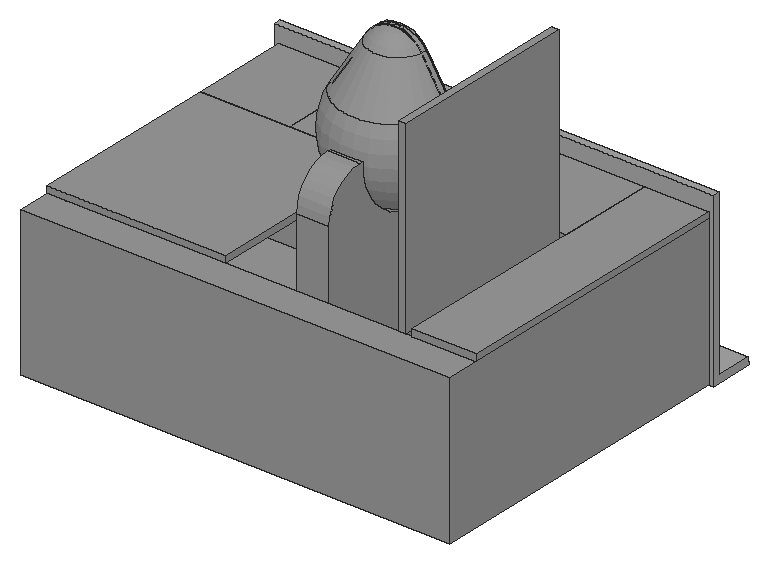
Revit family "Modular_Patient_Care_Unit-Willoughby-Patient_Care_Unit-WH-1700-R-SWO", category Plumbing Fixtures, Revit 2015
Parameters (values of type "Standard")
  Waste RAD [instance] = Waste DIA / 2  # 1 1/4"
  Waste DIA [instance] = 2 1/2"
  Waste Connection = yes
  Vent Connection = no
  URL = "https://www.willoughby-ind.com/wp-content/uploads/2018/01/WH-1700.pdf"
  Type Comments = ""
  Stainless Steel = Stainless Steel AISI 304-Willoughby
  Solid Polymer Finish = Polyethylene, High Density
  Revision = "A"
  Model = "WH-1700-R-SWO"
  Manufacturer = "Willoughby Industries"
  Lav Inlets RAD [instance] = Lav Inlets DIA / 2  # 1/4"
  Lav Inlets DIA [instance] = 1/2"
  Lav Drain DIA [instance] = 1"
  Lav DR-RAD [instance] = Lav Drain DIA / 2  # 1/2"
  HW Connection = yes
  Flush inlet RAD [instance] = Flush inlet DIA / 2  # 1/2"
  Flush inlet DIA [instance] = 1"
  Dialysis Drain DIA [instance] = 1 1/2"
  Dialysis Box Inlets DIA [instance] = 1/2"
  Description = "Right Hand Wall Outlet Patient Care Unit"
  Default Elevation = 0' - 0"
  DB-RAD [instance] = Dialysis Box Inlets DIA / 2  # 1/4"
  D-Drain RAD [instance] = Dialysis Drain DIA / 2  # 3/4"
  Contact Number = "(800) 428-4065"
  CW Connection = yes
  Bed Pan Inlet RAD [instance] = Bed Pan Inlet DIA / 2  # 1/4"
  Bed Pan Inlet DIA [instance] = 1/2"
  Aquasurf Solid Surface = Solid Surface Acrylic Resin-Willoughby
Reference planes (in)
  plane 1 "Base": y = -16.25
  plane 2: z = 0
  plane 3 "Center": x = 18.31072
  plane 4: y = 23.75
  plane 5: z = 36.61155
  plane 6: y = 0.75
  plane 7 "Waste": y = -11
  plane 8 "D-HGT": y = 17.5
  plane 9 "Flush Inlet": y = 10.25
  plane 10 "D-Drain HT": y = 4.875
  plane 11 "Bed Pan Inlet": y = 13.25
  plane 12: y = 9.25
  plane 13: y = 7
  plane 14 "Center Line": x = 13.06072
  plane 15: x = -9.93928
  plane 16: x = 37.81072
Forms (in)
  Extrusion 1, solid, material "Stainless Steel AISI 304-Willoughby" <- "Stainless Steel"
    sketch origin (16.08109, 9.45936, 3.7328) x (-1, 0, 0) y (0, 0, -1)
      loop
        line (1.29775, -16.80087) -> (1.29775, 2.08922) -> (-5.72963, 2.08922) -> (-5.72963, -16.81676)
        arc (-5.72963, -16.81676) -> (-8.98136, -21.11843) -> (-8.21015, -26.45542) r 7
        line (-8.21015, -26.45542) -> (-5.16818, -31.31054)
        arc (-5.16818, -31.31054) -> (-2.20225, -32.95225) -> (0.76368, -31.31054) r 3.5
        line (0.76368, -31.31054) -> (3.80565, -26.45542)
        arc (3.80565, -26.45542) -> (4.5729, -21.10311) -> (1.29775, -16.80087) r 7
      loop
        arc (2.03989, -24.70557) -> (-2.20225, -18.23804) -> (-6.44438, -24.70557) r 4.625
        line (-6.44438, -24.70557) -> (-4.04125, -30.23842)
        arc (-4.04125, -30.23842) -> (-2.20225, -31.45225) -> (-0.36324, -30.23842) r 2
        line (-0.36324, -30.23842) -> (2.03989, -24.70557)
    from 8.72968 to 9.5
  Revolve 2, solid, material "Stainless Steel AISI 304-Willoughby" <- "Stainless Steel"
    sketch origin (19.37246, 0.45936, 6.93674) x (-1, 0, 0) y (0, 0, -1)
      loop
        line (1.06174, -12.65916) -> (1.06174, -12.84906)
        arc (1.06174, -12.84906) -> (6.96784, -16.33096) -> (6.78077, -23.18447) r 6.75
        line (6.78077, -23.18447) -> (3.81535, -27.91457)
        arc (3.81535, -27.91457) -> (2.63527, -29.03194) -> (1.06174, -29.43826) r 3.25
        line (1.06174, -29.43826) -> (1.06174, -29.74821)
        arc (1.06174, -29.74821) -> (2.77212, -29.31711) -> (4.05505, -28.10661) r 3.5
        line (4.05505, -28.10661) -> (7.09702, -23.25148)
        arc (7.09702, -23.25148) -> (7.17114, -16.1937) -> (1.06174, -12.65916) r 7
      axis (1.06174, -12.65916) -> (1.06174, -29.74821)
    angle from 0 to -180
  Extrusion 3, solid, material "Stainless Steel AISI 304-Willoughby" <- "Stainless Steel"
    sketch origin (19.53334, -1.02032, 5.9242) x (0, 1, 0) y (0, 0, 1)
      loop
        line (-5.48285, -4.28061) -> (0.97968, -4.28061) -> (0.97968, 13.76202)
        arc (0.97968, 13.76202) -> (-3.33475, 15.6078) -> (-5.48285, 19.77995) r 6.92744
        line (-5.48285, 19.77995) -> (-5.48285, -4.28061)
    from 0.52738 to -2.97262
  Extrusion 4, solid, material "Stainless Steel AISI 304-Willoughby" <- "Stainless Steel"
    sketch origin (17.03334, 29.33792, 6.56919) x (0, 1, 0) y (0, 0, 1)
      loop
        line (-35.84109, -4.9256) -> (-35.84109, 20.30581) -> (-36.18717, 20.30581)
        arc (-36.18717, 20.30581) -> (-39.21058, 19.05347) -> (-40.46292, 16.03006) r 4.27575
        line (-40.46292, 16.03006) -> (-40.46292, -4.9256) -> (-35.84109, -4.9256)
    from -0.47262 to 3.02738
  Extrusion 5, solid, material "Solid Surface Acrylic Resin-Willoughby" <- "Aquasurf Solid Surface"
    sketch origin (0.00095, -16.25, 0.01859) x (1, 0, 0) y (0, 0, 1)
      loop
        line (37.80977, 0.825) -> (-9.94023, 0.825) -> (-9.94023, -0.01859) -> (37.80977, -0.01859) -> (37.80977, 0.825)
    from -40 to -35.25
  Extrusion 6, solid, material "Solid Surface Acrylic Resin-Willoughby" <- "Aquasurf Solid Surface"
    sketch origin (-2.12405, -16.25, 0.01859) x (1, 0, 0) y (0, 0, 1)
      loop
        line (39.93477, -0.01859) -> (39.93477, 18.625) -> (-7.81523, 18.625) -> (-7.81523, -0.01859) -> (39.93477, -0.01859)
    from -36 to -35.25
  Extrusion 7, solid, material "Stainless Steel AISI 304-Willoughby" <- "Stainless Steel"
    sketch origin (0.00095, -16.25, 0.01859) x (1, 0, 0) y (0, 0, 1)
      loop
        line (37.31072, -0.01859) -> (37.31072, 16.125) -> (-9.43928, 16.125) -> (-9.43928, -0.01859) -> (37.31072, -0.01859)
    from -35.25 to 0
  Extrusion 8, solid, material "Polyethylene, High Density" <- "Solid Polymer Finish"
    sketch origin (0.00095, -16.25, 0.01859) x (1, 0, 0) y (0, 0, 1)
      loop
        line (9.99822, 16.125) -> (9.99822, 16.875) -> (-9.43928, 16.875) -> (-9.43928, 16.125) -> (9.99822, 16.125)
    from -3.625 to -24.5
  Extrusion 9, solid, material "Polyethylene, High Density" <- "Solid Polymer Finish"
    sketch origin (0.00095, 4.625, 0.01859) x (1, 0, 0) y (0, 0, 1)
      loop
        line (0.24822, 16.125) -> (0.24822, 16.875) -> (-9.43928, 16.875) -> (-9.43928, 16.125) -> (0.24822, 16.125)
    from -3.625 to -14.375
  Extrusion 10, solid, material "Polyethylene, High Density" <- "Solid Polymer Finish"
    sketch origin (26.90707, 4.625, 0.01859) x (1, 0, 0) y (0, 0, 1)
      loop
        line (3.4046, 16.125) -> (3.4046, 16.875) -> (-16.9079, 16.875) -> (-16.9079, 16.125) -> (3.4046, 16.125)
    from -3.625 to -14.375
  Extrusion 11, solid, material "Polyethylene, High Density" <- "Solid Polymer Finish"
    sketch origin (13.18819, 4.625, 0.01859) x (1, 0, 0) y (0, 0, 1)
      loop
        line (-3.18903, 16.125) -> (-3.18903, 16.875) -> (-12.93903, 16.875) -> (-12.93903, 16.125) -> (-3.18903, 16.125)
    from -3.625 to -14.375
  Extrusion 12, solid, material "Polyethylene, High Density" <- "Solid Polymer Finish"
    sketch origin (12.69819, -16.25, 26.10977) x (0, 0, -1) y (1, 0, 0)
      loop
        line (9.96618, 16.125) -> (9.96618, 16.875) -> (-10.50178, 16.875) -> (-10.50178, 16.125) -> (9.96618, 16.125)
    from -3.625 to -24.5
  Extrusion 13, solid, material "Stainless Steel AISI 304-Willoughby" <- "Stainless Steel", detail levels fine
    sketch origin (0.00095, 0, 0.01859) x (1, 0, 0) y (0, 1, 0)
      loop
        circle (18.31072, -11) r 1.25
    from 0 to 2.825
  Extrusion 14, solid, material "Stainless Steel AISI 304-Willoughby" <- "Stainless Steel", detail levels fine
    sketch origin (-1.58208, 1.46689, 0.01859) x (1, 0, 0) y (0, 1, 0)
      loop
        circle (13.70624, 16.03311) r 0.25
    from 0 to 0.486
  Extrusion 15, solid, material "Stainless Steel AISI 304-Willoughby" <- "Stainless Steel", detail levels fine
    sketch origin (2.84936, 1.29431, 0.01859) x (1, 0, 0) y (0, 1, 0)
      loop
        circle (13.27481, 16.20569) r 0.25
    from 0 to 0.486
  Extrusion 16, solid, material "Stainless Steel AISI 304-Willoughby" <- "Stainless Steel", detail levels fine
    sketch origin (-0.43655, 0, 0.01859) x (1, 0, 0) y (0, 1, 0)
      loop
        circle (9.99822, 10.25) r 0.5
    from 0 to 1
  Extrusion 17, solid, material "Stainless Steel AISI 304-Willoughby" <- "Stainless Steel", detail levels fine
    sketch origin (-0.37405, 0, 0.01859) x (1, 0, 0) y (0, 1, 0)
      loop
        circle (22.24822, 4.875) r 0.75
    from 0 to 1
  Extrusion 18, solid, material "Stainless Steel AISI 304-Willoughby" <- "Stainless Steel", detail levels fine
    sketch origin (-0.37405, 0, 0.01859) x (1, 0, 0) y (0, 1, 0)
      loop
        circle (-5.68928, 9.25) r 0.25
    from 0 to 1
  Extrusion 19, solid, material "Stainless Steel AISI 304-Willoughby" <- "Stainless Steel", detail levels fine
    sketch origin (-0.37405, 0, 0.01859) x (1, 0, 0) y (0, 1, 0)
      loop
        circle (-2.81428, 9.25) r 0.25
    from 0 to 1
  Extrusion 20, solid, material "Stainless Steel AISI 304-Willoughby" <- "Stainless Steel", detail levels fine
    sketch origin (-0.37405, 0, 0.01859) x (1, 0, 0) y (0, 1, 0)
      loop
        circle (0.68572, 7) r 0.5
    from 0 to 1
  Extrusion 21, solid, material "Polyethylene, High Density" <- "Solid Polymer Finish"
    sketch origin (26.46282, -16.25, 0.37192) x (1, 0, 0) y (0, 0, 1)
      loop
        line (10.84884, 15.77167) -> (10.84884, 16.52167) -> (3.84884, 16.52167) -> (3.84884, 15.77167) -> (10.84884, 15.77167)
    from -3.625 to -35.25
  Extrusion 22, solid, material "Stainless Steel AISI 304-Willoughby" <- "Stainless Steel", detail levels fine
    sketch origin (9.56345, 8.375, 0.01859) x (1, 0, 0) y (0, 1, 0)
      loop
        circle (22.24822, 4.875) r 0.25
    from 0 to 1
  Extrusion 23, void, detail levels fine
    sketch origin (0, -16.25, 0) x (1, 0, 0) y (0, 0, 1)
      loop
        line (9.99917, 5.77594) -> (9.99917, 13.15094)
        arc (9.99917, 13.15094) -> (9.41338, 14.56516) -> (7.99917, 15.15094) r 2
        line (7.99917, 15.15094) -> (-2.25083, 15.15094)
        arc (-2.25083, 15.15094) -> (-3.66505, 14.56516) -> (-4.25083, 13.15094) r 2
        line (-4.25083, 13.15094) -> (-4.25083, 5.77594)
        arc (-4.25083, 5.77594) -> (-3.66505, 4.36173) -> (-2.25083, 3.77594) r 2
        line (-2.25083, 3.77594) -> (7.99917, 3.77594)
        arc (7.99917, 3.77594) -> (9.41338, 4.36173) -> (9.99917, 5.77594) r 2
    from -30.52438 to -36
  Extrusion 24, void, detail levels fine
    sketch origin (0, -16.25, 0) x (1, 0, 0) y (0, 0, 1)
      loop
        line (35.43462, 16.14359) -> (-7.43833, 16.14359) -> (-7.43833, 1.64359) -> (35.43462, 1.64359) -> (35.43462, 16.14359)
    from -3.625 to -29.5
Cuts and joins
  joined: Extrusion 3, Extrusion 4
  Extrusion 23, Extrusion 24 cuts Extrusion 7
  Extrusion 23 cuts Extrusion 6
  joined: Extrusion 5, Extrusion 6
Lines and regions (in)
  symbolic lines
    curve 1: line (-9.43833, -16.25, 0) -> (-9.43833, 19, 0)
    curve 2: line (-9.93928, 19, 0) -> (37.81072, 19, 0)
    curve 3: line (37.81072, 19, 0) -> (37.81072, 23.75, 0)
    curve 4: line (37.81072, 23.75, 0) -> (-9.93928, 23.75, 0)
    curve 5: line (-9.93928, 23.75, 0) -> (-9.93928, 19.75, 0)
    curve 7: line (37.31167, 19, 0) -> (37.31167, -16.25, 0)
    curve 8: line (37.31167, -16.25, 0) -> (-9.43833, -16.25, 0)
    curve 9: line (37.31167, -12.625, 0) -> (-9.43833, -12.625, 0)
    curve 10: line (30.31167, 19, 0) -> (30.31167, -12.625, 0)
    curve 28: line (37.81072, -16.25, 0) -> (37.81072, -16.25, 18.64359)
    curve 29: line (37.81072, -16.25, 18.64359) -> (-9.93928, -16.25, 18.64359)
    curve 30: line (-9.93928, -16.25, 18.64359) -> (-9.93928, -16.25, 0)
    curve 31: line (-9.93928, -16.25, 0) -> (37.81072, -16.25, 0)
    curve 54: line (18.31072, -16.25, 0) -> (18.31072, 19, 0)
    curve 59: line (18.31072, 19, 16.14359) -> (18.31072, 19, 0)
    curve 60: line (18.31072, 19, 16.14359) -> (18.31072, -16.25, 16.14359)
    curve 61: line (18.31072, -16.25, 16.14359) -> (18.31072, -16.25, 0)
    curve 84: line (-9.93928, 19, 0) -> (-9.93928, 19.75, 0)
  symbolic lines, detail levels medium+fine
    curve 6: line (-9.93928, 19.75, 0) -> (37.81072, 19.75, 0)
    curve 11: line (0.24917, 19, 0) -> (0.24917, 8.25, 0)
    curve 12: line (9.99917, 19, 0) -> (9.99917, -12.625, 0)
    curve 26: line (-9.43833, 8.25, 0) -> (9.99917, 8.25, 0)
    curve 27: line (9.99917, 8.25, 0) -> (30.31167, 8.25, 0)
    curve 32: line (-9.93928, -16.25, 0.84359) -> (37.81072, -16.25, 0.84359)
    curve 33: line (29.57319, -16.25, 18.64359) -> (29.57319, -16.25, 36.61155)
    curve 34: line (29.57319, -16.25, 36.61155) -> (28.82319, -16.25, 36.61155)
    curve 35: line (28.82319, -16.25, 36.61155) -> (28.82319, -16.25, 18.64359)
    curve 36: line (21.81072, -16.25, 18.64359) -> (21.81072, -16.25, 20.54956)
    curve 37: line (14.78334, -16.25, 20.53367) -> (14.78334, -16.25, 18.64359)
    curve 46: arc (12.36003, -16.25, 30.32666) -> (18.2296, -16.25, 19.57237) -> (24.346, -16.25, 30.18822) r 7.02366
    curve 48: arc (21.23423, -16.25, 35.06713) -> (18.26927, -16.25, 36.68502) -> (15.31741, -16.25, 35.04335) r 3.5
    curve 50: line (24.346, -16.25, 30.18822) -> (21.23423, -16.25, 35.06713)
    curve 51: line (15.31741, -16.25, 35.04335) -> (12.36003, -16.25, 30.32666)
    curve 55: line (18.31072, 23.75, 0) -> (18.31072, 23.75, 0.84359)
    curve 56: line (18.31072, 23.75, 0.84359) -> (18.31072, 19.75, 0.84359)
    curve 57: line (18.31072, 19.75, 0.84359) -> (18.31072, 19.75, 18.64359)
    curve 58: line (18.31072, 19.75, 18.64359) -> (18.31072, 19, 18.64359)
    curve 62: line (18.31072, 19, 16.89359) -> (18.31072, -12.625, 16.89359)
    curve 63: line (18.31072, -12.625, 16.89359) -> (18.31072, -12.625, 16.14359)
    curve 64: line (18.31072, 8.25, 16.14359) -> (18.31072, 8.25, 16.89359)
    curve 65: line (18.31072, 8.25, 16.89359) -> (18.31072, 8.25, 36.61155)
    curve 66: line (18.31072, 8.25, 36.61155) -> (18.31072, -12.625, 36.61155)
    curve 67: line (18.31072, -12.625, 36.61155) -> (18.31072, -12.625, 16.89359)
    curve 82: line (18.31072, 19, 16.14359) -> (18.31072, 19, 18.64359)
    curve 83: line (18.31072, 19, 0) -> (18.31072, 23.75, 0)
  symbolic lines, detail levels fine
    curve 13: line (29.57319, 8.25, 0) -> (29.57319, -12.625, 0)
    curve 14: line (28.82319, 8.25, 0) -> (28.82319, -12.625, 0)
    curve 15: line (11.28334, 0.72968, 0) -> (25.28334, 0.72968, 0)
    curve 16: line (25.28334, 0.72968, 0) -> (25.28334, 0.45936, 0)
    curve 17: line (25.3381, 0.45936, 0) -> (11.28334, 0.45936, 0)
    curve 18: line (11.28334, 0.45936, 0) -> (11.28334, 0.72968, 0)
    curve 19: line (11.28334, 0.45936, 0) -> (11.28334, -0.04064, 0)
    curve 20: line (25.3381, 0.45936, 0) -> (25.3381, -0.04064, 0)
    curve 21: arc (25.3381, -0.04064, 0) -> (23.09833, -4.68332, 0) -> (18.31072, -6.59378, 0) r 7.11248
    curve 22: arc (18.31072, -6.59378, 0) -> (13.52382, -4.68256, 0) -> (11.28334, -0.04064, 0) r 7.11541
    curve 23: line (20.06072, -11.125, 0) -> (16.56072, -11.125, 0)
    curve 24: line (16.56072, -11.125, 0) -> (16.56072, -6.3585, 0)
    curve 25: line (20.06072, -11.125, 0) -> (20.06072, -6.35909, 0)
    curve 38: line (9.99917, -16.25, 13.15094) -> (9.99917, -16.25, 5.77594)
    curve 39: line (7.99917, -16.25, 3.77594) -> (-2.25083, -16.25, 3.77594)
    curve 40: line (-4.25083, -16.25, 5.77594) -> (-4.25083, -16.25, 13.15094)
    curve 41: line (-2.25083, -16.25, 15.15094) -> (7.99917, -16.25, 15.15094)
    curve 42: arc (9.99917, -16.25, 13.15094) -> (9.41338, -16.25, 14.56516) -> (7.99917, -16.25, 15.15094) r 2
    curve 43: arc (-2.25083, -16.25, 15.15094) -> (-3.66505, -16.25, 14.56516) -> (-4.25083, -16.25, 13.15094) r 2
    curve 44: arc (-4.25083, -16.25, 5.77594) -> (-3.66505, -16.25, 4.36173) -> (-2.25083, -16.25, 3.77594) r 2
    curve 45: arc (7.99917, -16.25, 3.77594) -> (9.41338, -16.25, 4.36173) -> (9.99917, -16.25, 5.77594) r 2
    curve 47: arc (14.0412, -16.25, 28.43837) -> (18.28334, -16.25, 21.97085) -> (22.52547, -16.25, 28.43837) r 4.625
    curve 49: arc (20.12234, -16.25, 33.97122) -> (18.28334, -16.25, 35.18505) -> (16.44433, -16.25, 33.97122) r 2
    curve 52: line (16.44433, -16.25, 33.97122) -> (14.0412, -16.25, 28.43837)
    curve 53: line (20.12234, -16.25, 33.97122) -> (22.52547, -16.25, 28.43837)
    curve 68: line (18.31072, 0.72968, 16.89359) -> (18.31072, 0.72968, 36.61155)
    curve 69: line (18.31072, -0.04064, 36.61155) -> (18.31072, -0.04064, 16.89359)
    curve 70: line (18.31072, 0.72968, 20.54956) -> (18.31072, -0.04064, 20.54956)
    curve 71: arc (18.31072, -0.04064, 36.61155) -> (18.31072, -1.14474, 36.30896) -> (18.31072, -2.06293, 35.62521) r 3.09037
    curve 72: line (18.31072, -2.06293, 35.62521) -> (18.31072, -5.57593, 30.18822)
    curve 73: arc (18.31072, -5.57593, 30.18822) -> (18.31072, -6.29057, 28.60186) -> (18.31072, -6.50317, 26.875) r 5.80672
    curve 74: line (18.31072, -6.50317, 26.875) -> (18.31072, -6.84925, 26.875)
    curve 75: arc (18.31072, -6.84925, 26.875) -> (18.31072, -9.87266, 25.62266) -> (18.31072, -11.125, 22.59925) r 4.27575
    curve 76: arc (18.31072, -0.04064, 19.68622) -> (18.31072, -4.35507, 21.53199) -> (18.31072, -6.50317, 25.70414) r 6.92744
    curve 77: line (18.31072, -6.50317, 25.70414) -> (18.31072, -6.50317, 26.875)
    curve 78: line (18.31072, -11.125, 22.59925) -> (18.31072, -11.125, 16.89359)
    curve 79: line (18.31072, 0.72968, 36.61155) -> (18.31072, 0.72968, 36.68505)
    curve 80: line (18.31072, 0.72968, 36.68505) -> (18.31072, -0.04064, 36.68505)
    curve 81: line (18.31072, -0.04064, 36.68505) -> (18.31072, -0.04064, 36.61155)
Dimensions and locks (in)
  locked: plane 1 "Base" to plane 7 "Waste" at 5.25
  locked: plane 1 "Base" to plane 9 "Flush Inlet" at 26.5
  locked: plane 1 "Base" to plane 10 "D-Drain HT" at 21.125
  locked: plane 1 "Base" to plane 12 at 25.5
  locked: plane 1 "Base" to plane 13 at 23.25
  locked: plane 4 to plane 1 "Base" at 40
  locked: plane 1 "Base" to plane 8 "D-HGT" at 33.75
  locked: plane 1 "Base" to plane 11 "Bed Pan Inlet" at 29.5
  plane 15 to plane 16 = 3' - 11 3/4"
  locked: plane 14 "Center Line" to plane 3 "Center" at 5.25  (x2)
  locked: connector elem to plane 14 "Center Line" at 3.49905
  locked: connector elem to plane 14 "Center Line" at 12.74905
  locked: connector elem to plane 14 "Center Line" at 16.24905
  locked: connector elem to plane 14 "Center Line" at 19.12405
  locked: connector elem to plane 14 "Center Line" at 0.93655
  locked: plane 14 "Center Line" to connector elem at 3.06345
  locked: plane 14 "Center Line" to connector elem at 8.81345
  locked: cut or joined group of Extrusion 5, Extrusion 6, Extrusion 23 to cut or joined group of Extrusion 5, Extrusion 6, Extrusion 23 at 0.84359
  locked: plane 2 to cut or joined group of Extrusion 5, Extrusion 6, Extrusion 23 at 3.77594
  locked: cut or joined group of Extrusion 5, Extrusion 6, Extrusion 23 to cut or joined group of Extrusion 5, Extrusion 6, Extrusion 23 at 11.375
  locked: cut or joined group of Extrusion 5, Extrusion 6, Extrusion 23 to cut or joined group of Extrusion 5, Extrusion 6, Extrusion 23 at 5.68845
  locked: cut or joined group of Extrusion 5, Extrusion 6, Extrusion 23 to cut or joined group of Extrusion 5, Extrusion 6, Extrusion 23 at 14.25
  plane 15 to plane 14 "Center Line" = 1' - 11"
  locked: plane 14 "Center Line" to plane 16 at 24.75
  locked: plane 15 to plane 14 "Center Line" at 23
  locked: level to cut or joined group of Extrusion 5, Extrusion 6, Extrusion 23 at 18.64359
  locked: level to cut or joined group of Extrusion 7, Extrusion 23, Extrusion 24 at 16.14359
  locked: cut or joined group of Extrusion 7, Extrusion 23, Extrusion 24 to plane 14 "Center Line" at 22.49905
  locked: plane 14 "Center Line" to cut or joined group of Extrusion 7, Extrusion 23, Extrusion 24 at 24.25095
  locked: cut or joined group of Extrusion 7, Extrusion 23, Extrusion 24 to cut or joined group of Extrusion 7, Extrusion 23, Extrusion 24 at 14.5
  locked: plane 14 "Center Line" to cut or joined group of Extrusion 7, Extrusion 23, Extrusion 24 at 22.3739
  locked: cut or joined group of Extrusion 7, Extrusion 23, Extrusion 24 to plane 14 "Center Line" at 20.49905
  locked: plane 3 "Center" to Extrusion 1 sketch curve at 3.52738
  locked: Extrusion 1 sketch curve to Extrusion 1 sketch curve at 7.02738
  locked: level to Extrusion 1 sketch curve at 26.59585
  locked: Extrusion 1 sketch curve to Extrusion 1 sketch curve at 6.5892
  locked: cut or joined group of Extrusion 3, Extrusion 4 to plane 1 "Base" at 5.125
  locked: Extrusion 4 sketch curve to level at 26.875
  locked: Extrusion 1 to Extrusion 3 sketch curve at 6.46253
  locked: cut or joined group of Extrusion 7, Extrusion 23, Extrusion 24 to Extrusion 12 sketch curve at 20.46796
  locked: Extrusion 12 sketch curve to Extrusion 12 sketch curve at 0.75
  locked: Extrusion 12 sketch curve to plane 16 at 8.23753
  locked: cut or joined group of Extrusion 7, Extrusion 23, Extrusion 24 to Extrusion 9 at 0.75
  locked: Extrusion 10 to Extrusion 21 sketch curve at 7
  locked: cut or joined group of Extrusion 7, Extrusion 23, Extrusion 24 to Extrusion 21 sketch curve at 0.75
  locked: Extrusion 21 to Extrusion 11 at 20.3125
  locked: cut or joined group of Extrusion 7, Extrusion 23, Extrusion 24 to Extrusion 21 at 7
  locked: Extrusion 9 to Extrusion 10 at 9.75
  locked: Extrusion 10 to cut or joined group of Extrusion 5, Extrusion 6, Extrusion 23 at 0
  locked: Extrusion 8 to Extrusion 11 at 9.6875
  locked: Extrusion 12 to plane 1 "Base" at 3.625
  locked: Extrusion 12 to Extrusion 12 at 20.875
  locked: Extrusion 12 to level at 36.61155
  locked: plane 4 to cut or joined group of Extrusion 5, Extrusion 6, Extrusion 23 at 4
  locked: cut or joined group of Extrusion 5, Extrusion 6, Extrusion 23 to cut or joined group of Extrusion 5, Extrusion 6, Extrusion 23 at 0.75
  locked: Extrusion 8 to level at 16.89359
  locked: Extrusion 8 to cut or joined group of Extrusion 7, Extrusion 23, Extrusion 24 at 0.75
  locked: Extrusion 1 to Extrusion 1 at 0.77032
  locked: cut or joined group of Extrusion 5, Extrusion 6, Extrusion 23 to level at 0.84359
  locked: cut or joined group of Extrusion 5, Extrusion 6, Extrusion 23 to level at 18.64359
  radius of cut or joined group of Extrusion 5, Extrusion 6, Extrusion 23 = 0' - 2"  (x2)
  radius of Extrusion 1 sketch curve = 0' - 4 5/8"
  radius of Extrusion 1 sketch curve = 0' - 7"
  radius of Extrusion 1 sketch curve = 0' - 3 1/2"
  radius of Extrusion 1 sketch curve = 0' - 2"
  radius of cut or joined group of Extrusion 3, Extrusion 4 = 0' - 4.27575"  (x2)
  radius of cut or joined group of Extrusion 3, Extrusion 4 = 0' - 6.92744"  (x2)
  radius of Extrusion 1 = 0' - 7"
  radius of Revolve 2 sketch curve = 0' - 6 3/4"
  radius of Revolve 2 sketch curve = 0' - 3 1/4"
  radius of Extrusion 1 = 0' - 3 1/2"
  locked: Extrusion 1 sketch curve to Extrusion 1 sketch curve (angle 46.9544°)
  locked: Extrusion 1 sketch curve to Extrusion 1 sketch curve (angle 64.1382°)
  aligned and locked: Extrusion 21 to Extrusion 7
  aligned and locked: Extrusion 9 to cut or joined group of Extrusion 7, Extrusion 23, Extrusion 24
  aligned and locked: Extrusion 11 to Extrusion 9  (x2)
  aligned and locked: Extrusion 10 to Extrusion 9  (x2)
  aligned and locked: Extrusion 21 to Extrusion 9  (x2)
  aligned and locked: cut or joined group of Extrusion 5, Extrusion 6, Extrusion 23 to level
  aligned and locked: cut or joined group of Extrusion 5, Extrusion 6, Extrusion 23 to plane 16
  aligned and locked: cut or joined group of Extrusion 5, Extrusion 6, Extrusion 23 to plane 15
  aligned and locked: Extrusion 12 to plane 5
  aligned and locked: cut or joined group of Extrusion 7, Extrusion 23, Extrusion 24 to cut or joined group of Extrusion 5, Extrusion 6, Extrusion 23  (x5)
  aligned and locked: cut or joined group of Extrusion 5, Extrusion 6, Extrusion 23 to cut or joined group of Extrusion 5, Extrusion 6, Extrusion 23  (x8)
  aligned and locked: plane 1 "Base" to cut or joined group of Extrusion 7, Extrusion 23, Extrusion 24
  aligned and locked: plane 4 to cut or joined group of Extrusion 5, Extrusion 6, Extrusion 23
  aligned and locked: Extrusion 21 to Extrusion 8
  aligned and locked: plane 5 to Extrusion 12  (x2)
  aligned and locked: Extrusion 5 sketch curve to level
  aligned and locked: Extrusion 5 sketch curve to plane 15
  aligned and locked: cut or joined group of Extrusion 5, Extrusion 6, Extrusion 23 to Extrusion 5 sketch curve
  aligned and locked: plane 15 to Extrusion 6 sketch curve
  aligned and locked: Extrusion 6 sketch curve to plane 16
  aligned and locked: plane 2 to Extrusion 6 sketch curve
  aligned and locked: Extrusion 7 sketch curve to plane 2
  aligned and locked: Extrusion 7 sketch curve to level
  aligned and locked: Extrusion 24 sketch curve to cut or joined group of Extrusion 7, Extrusion 23, Extrusion 24
  aligned and locked: Extrusion 1 sketch curve to cut or joined group of Extrusion 7, Extrusion 23, Extrusion 24
  aligned and locked: Extrusion 4 sketch curve to cut or joined group of Extrusion 7, Extrusion 23, Extrusion 24
  aligned and locked: Extrusion 3 sketch curve to cut or joined group of Extrusion 7, Extrusion 23, Extrusion 24
  aligned and locked: Extrusion 3 sketch curve to Extrusion 1
  aligned and locked: Revolve 2 sketch curve to Extrusion 1  (x3)
  aligned and locked: plane 5 to Extrusion 12 sketch curve  (x2)
  aligned and locked: Extrusion 12 sketch curve to plane 5
  aligned and locked: cut or joined group of Extrusion 7, Extrusion 23, Extrusion 24 to Extrusion 12 sketch curve
  aligned and locked: Extrusion 8 sketch curve to cut or joined group of Extrusion 7, Extrusion 23, Extrusion 24
  aligned and locked: cut or joined group of Extrusion 7, Extrusion 23, Extrusion 24 to Extrusion 8 sketch curve
  aligned and locked: cut or joined group of Extrusion 5, Extrusion 6, Extrusion 23 to Extrusion 8 sketch curve
  aligned and locked: Extrusion 21 sketch curve to cut or joined group of Extrusion 7, Extrusion 23, Extrusion 24
  aligned and locked: cut or joined group of Extrusion 7, Extrusion 23, Extrusion 24 to Extrusion 21 sketch curve
  aligned and locked: Extrusion 21 sketch curve to Extrusion 10
  aligned and locked: cut or joined group of Extrusion 7, Extrusion 23, Extrusion 24 to Extrusion 10 sketch curve
  aligned and locked: Extrusion 10 sketch curve to Extrusion 11
  aligned and locked: cut or joined group of Extrusion 7, Extrusion 23, Extrusion 24 to Extrusion 11 sketch curve
  aligned and locked: cut or joined group of Extrusion 7, Extrusion 23, Extrusion 24 to Extrusion 9 sketch curve
  aligned and locked: Extrusion 9 sketch curve to cut or joined group of Extrusion 7, Extrusion 23, Extrusion 24
  aligned and locked: Extrusion 9 sketch curve to Extrusion 11
  aligned and locked: cut or joined group of Extrusion 5, Extrusion 6, Extrusion 23 to cut or joined group of Extrusion 7, Extrusion 23, Extrusion 24
  aligned and locked: Revolve 2 to Extrusion 1
  aligned and locked: cut or joined group of Extrusion 7, Extrusion 23, Extrusion 24 to level
  aligned and locked: cut or joined group of Extrusion 7, Extrusion 23, Extrusion 24 to cut or joined group of Extrusion 7, Extrusion 23, Extrusion 24
Connectors (in)
  piping at (18.31167, -11, 0.01859), diameter 2.5, driven by "Waste RAD", driven by "Waste Connection"
    settings: on Extrusion 13, index 20, connector inside diameter 2 1/2", connector length 0' - 0", flow factor 0, pipe flow 0 GPM, pressure drop 0.00 psi, fitting loss kfactor 0, connector angle 0.00°, fixture units 0, engagement length 0' - 0", angle of deflection 0.00°, flow configuration 0, flow direction 2, fitting loss method 0, system type 16, joint type 0, gender type 0, connector reference index -1, connector utility 1, adjustable connector no, is connector primary yes, connector description "Toilet Waste"
  piping at (16.12417, 17.5, 0.01859), diameter 0.5, driven by "DB-RAD", driven by "CW Connection"
    settings: on Extrusion 15, index 21, connector inside diameter 1/2", connector length 0' - 0", flow factor 0, pipe flow 0 GPM, pressure drop 0.00 psi, fitting loss kfactor 0, connector angle 0.00°, fixture units 0, engagement length 0' - 0", angle of deflection 0.00°, flow configuration 0, flow direction 1, fitting loss method 0, system type 19, joint type 0, gender type 0, connector reference index -1, connector utility 1, adjustable connector no, is connector primary no, connector description "Dialysis Cold Inlet"
  piping at (12.12417, 17.5, 0.01859), diameter 0.5, driven by "DB-RAD", driven by "HW Connection"
    settings: on Extrusion 14, index 22, connector inside diameter 1/2", connector length 0' - 0", flow factor 0, pipe flow 0 GPM, pressure drop 0.00 psi, fitting loss kfactor 0, connector angle 0.00°, fixture units 0, engagement length 0' - 0", angle of deflection 0.00°, flow configuration 0, flow direction 1, fitting loss method 0, system type 19, joint type 0, gender type 0, connector reference index -1, connector utility 1, adjustable connector no, is connector primary no, connector description "Dialysis Hot Inlet"
  piping at (9.56167, 10.25, 0.01859), diameter 1, driven by "Flush inlet RAD", driven by "CW Connection"
    settings: on Extrusion 16, index 23, connector inside diameter 1", connector length 0' - 0", flow factor 0, pipe flow 0 GPM, pressure drop 0.00 psi, fitting loss kfactor 0, connector angle 0.00°, fixture units 0, engagement length 0' - 0", angle of deflection 0.00°, flow configuration 0, flow direction 1, fitting loss method 0, system type 20, joint type 0, gender type 0, connector reference index -1, connector utility 1, adjustable connector no, is connector primary no, connector description "Flush Inlet"
  piping at (21.87417, 4.875, 0.01859), diameter 1.5, driven by "D-Drain RAD", driven by "Waste Connection"
    settings: on Extrusion 17, index 24, connector inside diameter 1 1/2", connector length 0' - 0", flow factor 0, pipe flow 0 GPM, pressure drop 0.00 psi, fitting loss kfactor 0, connector angle 0.00°, fixture units 0, engagement length 0' - 0", angle of deflection 0.00°, flow configuration 0, flow direction 2, fitting loss method 0, system type 16, joint type 0, gender type 0, connector reference index -1, connector utility 1, adjustable connector no, is connector primary no, connector description "Dialysis Drain Waste"
  piping at (-6.06333, 9.25, 0.01859), diameter 0.5, driven by "Lav Inlets RAD", driven by "HW Connection"
    settings: on Extrusion 18, index 25, connector inside diameter 1/2", connector length 0' - 0", flow factor 0, pipe flow 0 GPM, pressure drop 0.00 psi, fitting loss kfactor 0, connector angle 0.00°, fixture units 0, engagement length 0' - 0", angle of deflection 0.00°, flow configuration 0, flow direction 1, fitting loss method 0, system type 20, joint type 0, gender type 0, connector reference index -1, connector utility 1, adjustable connector no, is connector primary no, connector description "Lav CW Inlet"
  piping at (-3.18833, 9.25, 0.01859), diameter 0.5, driven by "Lav Inlets RAD", driven by "CW Connection"
    settings: on Extrusion 19, index 26, connector inside diameter 1/2", connector length 0' - 0", flow factor 0, pipe flow 0 GPM, pressure drop 0.00 psi, fitting loss kfactor 0, connector angle 0.00°, fixture units 0, engagement length 0' - 0", angle of deflection 0.00°, flow configuration 0, flow direction 1, fitting loss method 0, system type 19, joint type 0, gender type 0, connector reference index -1, connector utility 1, adjustable connector no, is connector primary no, connector description "Lav CW Inlet"
  piping at (0.31167, 7, 0.01859), diameter 1, driven by "Lav DR-RAD", driven by "Waste Connection"
    settings: on Extrusion 20, index 27, connector inside diameter 1", connector length 0' - 0", flow factor 0, pipe flow 0 GPM, pressure drop 0.00 psi, fitting loss kfactor 0, connector angle 0.00°, fixture units 0, engagement length 0' - 0", angle of deflection 0.00°, flow configuration 0, flow direction 2, fitting loss method 0, system type 16, joint type 0, gender type 0, connector reference index -1, connector utility 1, adjustable connector no, is connector primary no, connector description "Sink Drain Waste"
  piping at (31.81167, 13.25, 1.01859), diameter 0.5, driven by "Bed Pan Inlet RAD", driven by "CW Connection"
    settings: on Extrusion 22, index 28, connector inside diameter 1/2", connector length 0' - 0", flow factor 0, pipe flow 0 GPM, pressure drop 0.00 psi, fitting loss kfactor 0, connector angle 0.00°, fixture units 0, engagement length 0' - 0", angle of deflection 0.00°, flow configuration 0, flow direction 1, fitting loss method 0, system type 20, joint type 0, gender type 0, connector reference index -1, connector utility 1, adjustable connector yes, is connector primary no, connector description "Bed Pan CW Inlet"
